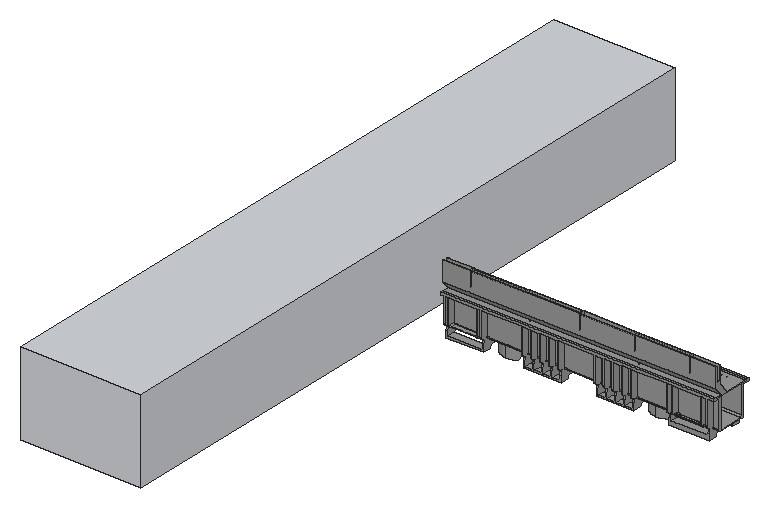
Revit family "PLASTIC CHANNEL BASE DN100 Slot Drain", category Оборудование, Revit 2019 (continued)
Types in the file's own list only (38): name | no | bias | R2 | R1 | H2 | H1 | Cap_begin | Cap_end | Отметка по умолчанию | W2 | W1 | CN | ADSK_Weight | ADSK_Sealant | ADSK_Product code | ADSK_Name | ADSK_Dimension_Width | ADSK_Dimension_Lenght | ADSK_Dimension_Height | ADSK_Dimension_Diameter
  80157 | No | Нет | 49 мм | 49 мм | 110 мм | 110 мм | Plastic end cap Base DN100 : 630-2 | Plastic end cap Base DN100 : 630-2 | 0 мм | 156 мм | 160 мм | 8000 | 2.1 | 16 | "80157" | "Plastic channel Base DN100 H150 reinforced" | 160 мм | 1000 мм | 150 мм | 110 мм
  80167-9 | No | Нет | 49 мм | 49 мм | 120 мм | 120 мм | Plastic end cap Base DN100 : 630-2 | Plastic end cap Base DN100 : 630-3 | 0 мм | 156 мм | 160 мм | 80160 | 2.1 | 17 | "80167-9" | "Plastic slope channel Base DN100 H160 9 reinforced" | 160 мм | 1000 мм | 160 мм | 110 мм
  80177-10 | No | Нет | 49 мм | 49 мм | 130 мм | 130 мм | Plastic end cap Base DN100 : 630-3 | Plastic end cap Base DN100 : 630-3 | 0 мм | 156 мм | 160 мм | 80170 | 2.2 | 18 | "80177-10" | "Plastic slope channel Base DN100 H170 10 reinforced" | 160 мм | 1000 мм | 170 мм | 110 мм
  80187-11 | No | Нет | 49 мм | 49 мм | 140 мм | 140 мм | Plastic end cap Base DN100 : 630-3 | Plastic end cap Base DN100 : 630-3 | 0 мм | 156 мм | 160 мм | 80180 | 2.3 | 19 | "80187-11" | "Plastic slope channel Base DN100 H180 11 reinforced" | 160 мм | 1000 мм | 180 мм | 110 мм
  80197-12 | No | Нет | 49 мм | 49 мм | 150 мм | 150 мм | Plastic end cap Base DN100 : 630-3 | Plastic end cap Base DN100 : 630-3 | 0 мм | 156 мм | 160 мм | 80190 | 2.4 | 20 | "80197-12" | "Plastic slope channel Base DN100 H190 12 reinforced" | 160 мм | 1000 мм | 190 мм | 110 мм
  80207-13 | No | Нет | 49 мм | 49 мм | 160 мм | 160 мм | Plastic end cap Base DN100 : 630-3 | Plastic end cap Base DN100 : 630-3 | 0 мм | 156 мм | 160 мм | 80200 | 2.5 | 21 | "80207-13" | "Plastic slope channel Base DN100 H200 13 reinforced" | 160 мм | 1000 мм | 200 мм | 110 мм
  80207 | No | Нет | 49 мм | 49 мм | 160 мм | 160 мм | Plastic end cap Base DN100 : 630-3 | Plastic end cap Base DN100 : 630-3 | 0 мм | 156 мм | 160 мм | 80200 | 2.5 | 21 | "80207" | "Plastic channel Base DN100 H200 reinforced" | 160 мм | 1000 мм | 200 мм | 110 мм
